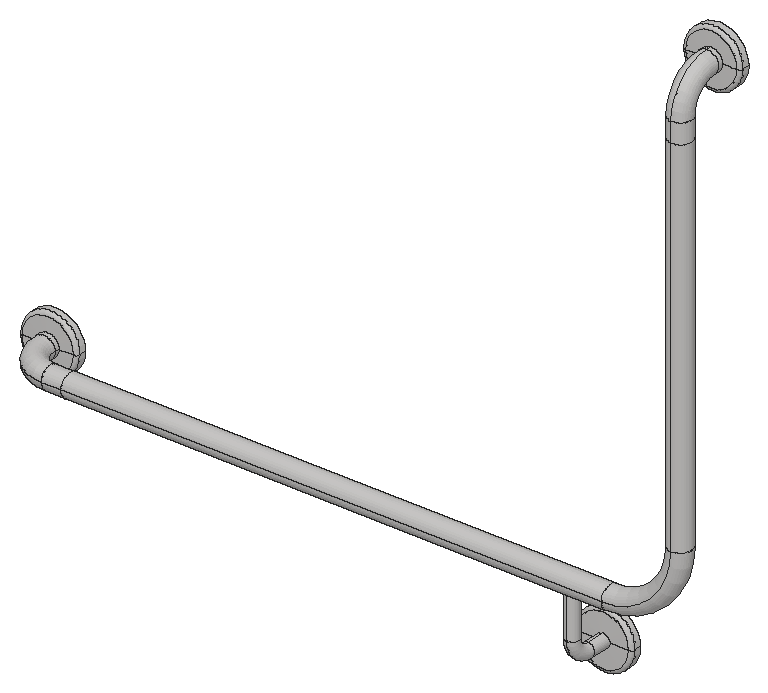
Revit family "rba-bim-rba4090-901", category Plumbing Fixtures, Revit 2016
Family settings
  Part Type = Normal
  Round Connector Dimension = Use Diameter
  Work Plane-Based = No
  Always vertical = Yes
  Cut with Voids When Loaded = No
  Shared = No
  Room Calculation Point = No
Parameters (values of type "RBA4090-901")
  Watermarked By = "www.rba.com.au"
  URL = "http://www.rba.com.au/accessible-disabled/grab-rails"
  R_Void [instance] = 15.00 mm
  R [instance] = 0.00 mm
  Phone Number = "1300 788 778"
  Modified Issue = "20180918.01"
  Model = "RBA4090-901"
  Materials and Finishes = Stainless Steel, Satin Finish
  Manufacturer Model = "B819436"
  Manufacturer = "RBA Group"
  Description = "90° Angled Grab Rails"
  Copyrighted by = "RBA Group"  # constant formula
  Assembly Code = ""
Reference planes
  plane 1 "Center (Front/Back)": y = 0
  plane 2: z = 0
  plane 3: x = 40.5
  plane 4: z = -30
  plane 5: z = 30
  plane 6: x = 70.5
  plane 7: x = 10.5
  plane 8: x = 990.5
  plane 9: x = 515.5
  plane 10: z = 670
  plane 11: z = 730
  plane 12: x = 960.5
  plane 13: x = 1020.5
  plane 14: z = 700
  plane 15: z = -130
  plane 16: z = -70
  plane 17: x = 865.5
  plane 18: x = 805.5
  plane 19: x = 835.5
  plane 20: z = -100
  plane 21: x = 974.5
  plane 22: z = 16
  plane 23: y = -70
  plane 24: y = -86
  plane 25: y = -54
  plane 26: y = -79.5
  plane 27: y = -60.5
Forms (mm)
  Extrusion 1, solid, material "Rail Steel"
    sketch origin (40.5, -2.628, 315.907) x (0, 0, -1) y (-1, 0, 0)
      loop
        circle (315.907, 0) r 40
    from -0.219 to 2.628
  Revolve 2, solid, material "Rail Steel"
    sketch origin (40.5, 18.663, 0) x (0, -1, 0) y (1, 0, 0)
      loop
        line (18.663, 0) -> (18.663, -41.5) -> (27.844, -41.5)
        arc (27.844, -41.5) -> (31.337, -40.077) -> (32.842, -36.617) r 5
        line (32.842, -36.617) -> (33.701, 0) -> (18.663, 0)
      axis (18.663, 0) -> (33.701, 0)
    angle from 0 to 360
  Extrusion 3, void
    sketch origin (40.5, 34.941, 315.907) x (0, 0, -1) y (-1, 0, 0)
      loop
        circle (315.907, -30) r 5
      loop
        circle (315.907, 30) r 5
    from -37.788 to -30
  Sweep 4, solid, material "Rail Steel"
    path origin (40.5, 12.454, 0) x (0, -1, 0) y (-1, 0, 0)
      loop
        line (12.454, 0) -> (34.454, 0)
        arc (34.454, 0) -> (68.395, -14.059) -> (82.454, -48) r 48
        line (82.454, -48) -> (82.454, -76)
    profile origin (40.5, -11, 0) x (1, 0, 0) y (0, 0, 1)
      loop
        circle (0, 0) r 16
  Extrusion 5, solid, material "Rail Steel"
    sketch origin (990.5, -2.628, 1015.907) x (0, 0, -1) y (-1, 0, 0)
      loop
        circle (315.907, 0) r 40
    from -0.219 to 2.628
  Extrusion 6, void
    sketch origin (990.5, 34.941, 1015.907) x (0, 0, -1) y (-1, 0, 0)
      loop
        circle (315.907, 30) r 5
      loop
        circle (315.907, -30) r 5
    from -37.788 to -30
  Sweep 7, solid, material "Rail Steel"
    path origin (1690.5, 12.454, 700) x (0, -1, 0) y (0, 0, 1)
      loop
        line (12.454, 0) -> (34.454, 0)
        arc (34.454, 0) -> (68.395, -14.059) -> (82.454, -48) r 48
        line (82.454, -48) -> (82.454, -76)
    profile origin (1690.5, -11, 700) x (0, 0, 1) y (-1, 0, 0)
      loop
        circle (0, 700) r 16
  Revolve 8, solid, material "Rail Steel"
    sketch origin (990.5, 18.663, 700) x (0, -1, 0) y (1, 0, 0)
      loop
        line (18.663, 0) -> (33.701, 0) -> (32.842, 36.617)
        arc (32.842, 36.617) -> (31.337, 40.077) -> (27.844, 41.5) r 5
        line (27.844, 41.5) -> (18.663, 41.5) -> (18.663, 0)
      axis (18.663, 0) -> (33.701, 0)
    angle from 0 to 360
  Sweep 9, solid, material "Rail Steel"
    path origin (0, 0, 0) x (1, 0, 0) y (0, 0, 1)
      loop
        line (116.5, 0) -> (890.5, 0)
        arc (890.5, 0) -> (961.211, 29.289) -> (990.5, 100) r 100
        line (990.5, 100) -> (990.5, 624)
    profile origin (503.5, 0, 0) x (0, 0, 1) y (0, -1, 0)
      loop
        circle (0, 70) r 16
  Extrusion 10, solid, material "Rail Steel"
    sketch origin (835.5, -2.628, 215.907) x (0, 0, -1) y (-1, 0, 0)
      loop
        circle (315.907, 0) r 40
    from -0.219 to 2.628
  Revolve 11, solid, material "Rail Steel"
    sketch origin (835.5, 18.663, -100) x (0, -1, 0) y (1, 0, 0)
      loop
        line (18.663, 0) -> (18.663, -41.5) -> (27.844, -41.5)
        arc (27.844, -41.5) -> (31.337, -40.077) -> (32.842, -36.617) r 5
        line (32.842, -36.617) -> (33.701, 0) -> (18.663, 0)
      axis (18.663, 0) -> (33.701, 0)
    angle from 0 to 360
  Sweep 12, solid, material "Rail Steel"
    path origin (835.5, 12.454, -100) x (0, -1, 0) y (0, 0, -1)
      loop
        line (12.454, 0) -> (54.454, 0)
        arc (54.454, 0) -> (74.253, -8.201) -> (82.454, -28) r 28
        line (82.454, -28) -> (82.454, -100)
    profile origin (835.5, -21, -100) x (0, 0, -1) y (1, 0, 0)
      loop
        circle (0, 0) r 9.5
  Extrusion 13, void
    sketch origin (835.5, 34.941, 215.907) x (0, 0, -1) y (-1, 0, 0)
      loop
        circle (315.907, -30) r 5
      loop
        circle (315.907, 30) r 5
    from -37.788 to -30
Cuts and joins
  Extrusion 3, Extrusion 6, Extrusion 13 cuts Extrusion 1
  Extrusion 3, Extrusion 6, Extrusion 13 cuts Revolve 2
  Extrusion 13 cuts Sweep 4
  Extrusion 6 cuts Revolve 8
  Extrusion 13 cuts Revolve 11
  joined: Revolve 2, Sweep 4, Sweep 7, Revolve 8, Sweep 9, Revolve 11, Sweep 12
  Extrusion 6 cuts Extrusion 5
  Extrusion 13 cuts Extrusion 10
Dimensions and locks
  Revolve 2 sketch curve to Revolve 2 sketch curve = 41.50 mm
  plane 5 to level to plane 4 = 30.00 mm, 30.00 mm
  plane 7 to plane 6 = 60.00 mm
  plane 11 to plane 10 = 60.00 mm
  plane 12 to plane 13 = 60.00 mm
  Revolve 8 sketch curve to Revolve 8 sketch curve = 41.50 mm
  Revolve 11 sketch curve to Revolve 11 sketch curve = 41.50 mm
  plane 16 to plane 15 = 60.00 mm
  plane 18 to plane 17 = 60.00 mm
  level to plane 20 = 100.00 mm
  plane 14 to level = 700.00 mm
  plane 8 to plane 19 = 155.00 mm
  plane 8 to plane 3 = 950.00 mm
  radius of Extrusion 1 sketch curve = 40.00 mm
  radius of Sweep 4 sketch curve = 16.00 mm
  radius of Extrusion 5 sketch curve = 40.00 mm
  radius of Sweep 7 sketch curve = 16.00 mm
  radius of Extrusion 10 sketch curve = 40.00 mm
  radius of Sweep 12 sketch curve = 9.50 mm
  aligned and locked: Revolve 2 to Extrusion 1
  aligned and locked: Revolve 11 to Extrusion 10
